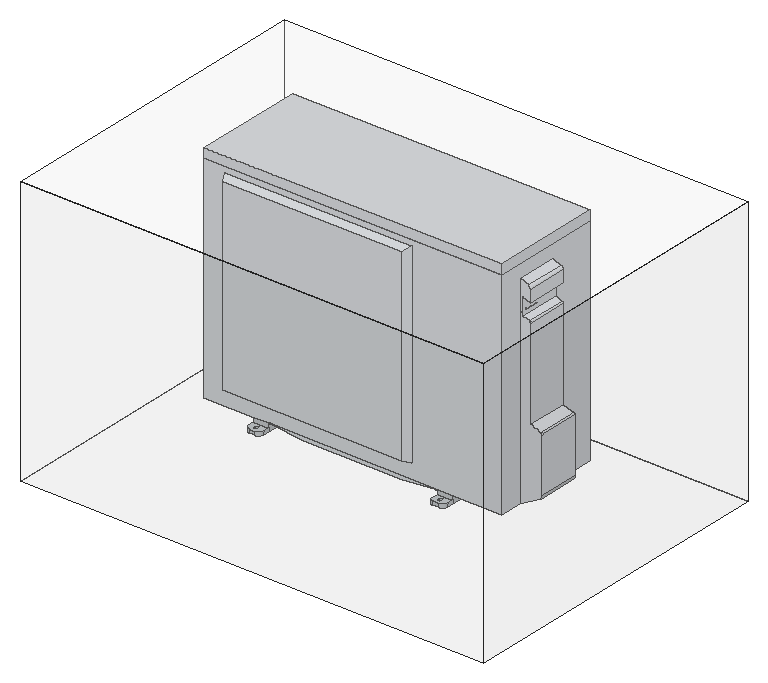
Revit family "puz-zrmp28_63ska16_60hz", category 機械設備, Revit 2023
Family settings
  丸型コネクタ寸法 = 直径を使用
  パーツ タイプ = 標準
  OmniClass 番号 = 23.75.10.24.21.27.27
  OmniClass タイトル = Split System Air Conditioning Units
  作業面ベース = いいえ
  常に垂直 = はい
  ロード時にボイドで切り取り = いいえ
  注釈の向きを維持 = いいえ
  共有 = いいえ
  部屋計算ポイント = いいえ
Parameters (values of type "PUZ-ZRMP28SKA16")
  風量_冷房 (㎥/min) = 38
  風量 = [風量_冷房 (㎥/min)] * 60.0 m³/h  # 2280.0 m³/h
  音響パワーレベル_冷房 (dB) = 64
  音響パワーレベル_暖房 (dB) = 66
  音響パワーレベル(dB) = if([音響パワーレベル_冷房 (dB)] > [音響パワーレベル_暖房 (dB)], [音響パワーレベル_冷房 (dB)], [音響パワーレベル_暖房 (dB)])  # 66
  電源種別 = ""
  電源位置Y = 61 mm
  電源位置Z = 497.7 mm
  電源位置X = 400 mm
  電圧 = 200 V
  電動機出力_送風機 = 0.04 kW
  電動機出力_圧縮機 = 0.5 kW
  集中コントローラ [instance] = ""
  運転質量 = 0.00 kg
  運転方法 = "冷暖切替"
  質量 = if(製品質量 > 運転質量, 製品質量, 運転質量) * 1.2  # 44.40 kg
  負荷分類 = 1_熱源類
  説明 = "空冷H/P PAC インバータ室外機"
  設計暖房能力 [instance] = 0 kW
  設計冷房能力_顕熱 [instance] = 0 kW
  設計冷房能力 [instance] = 0 kW
  設置方法 = "床置形"
  記号 [instance] = ""
  製造元 = "三菱電機株式会社"
  製品質量 = 37.00 kg
  製品出荷対象 = "国内"
  製品リリース年月 = "2026/5/11"
  系統 [instance] = ""
  符号 = "PAC"
  積算_科目 = "1 空気調和設備"
  積算_拾い区分 [instance] = ""
  相 = 1
  盤記号 [instance] = ""
  発停方法 = "別売リモコン"
  特殊仕様 [instance] = ""
  消費電力_暖房 = 0 kW
  消費電力_冷房 = 0 kW
  消費電力 = if(消費電力_冷房 > 消費電力_暖房, 消費電力_冷房, 消費電力_暖房)  # 0 kW
  法定耐用年数 = "6"
  極数 = 3
  材質 [instance] = ""
  本体マテリアル = none
  最小電線太さ_mm2 = 3.5
  最大電流値 = 0 A
  暖房能力 = 2.8 kW
  既定の高さ = 0 mm
  推奨ブレーカー容量 = 20 A
  据付ピッチ1 = 0 mm
  形式 = "パッケージ形 室外機"
  形名 = PUZ-EZRMP-1 : PUZ-EZRMP-1
  幹線記号 [instance] = ""
  始動方式 = "インバータ"
  呼称 = "パッケージ形空気調和機_室外機"
  周波数 = 60 Hz
  価格 = 0
  ドレン　位置Z = 8.5 mm
  ドレン　位置Y = 48.5 mm
  ドレン　位置X = 404.5 mm
  アンカーボルト位置Y = 330 mm
  アンカーボルト位置X = 500 mm
  参照している仕様書等のバージョン = "公共建築物標準仕様書（機械設備工事編）平成31年度版"
  分類コード = "50053003126100"
  分類グループ = "設備"
  冷房能力 = 2.5 kW
  冷媒管（ガス）位置X = 420 mm
  冷媒管（液）位置X = 420 mm
  冷媒管（液）位置Y = 153.75 mm
  冷媒管（ガス）位置Y = 153.75 mm
  冷媒管長 [instance] = 0 mm
  冷媒管径符号 = "Ac"
  冷媒管径 = 60 mm
  冷媒管位置Z = 158.95 mm
  冷媒管位置Y = (冷媒管（液）位置Y + 冷媒管（ガス）位置Y) / 2  # 153.75 mm
  冷媒管位置X = (冷媒管（液）位置X + 冷媒管（ガス）位置X) / 2  # 420 mm
  冷媒液管径 = 6.35 mm
  冷媒ガス管径 = 12.7 mm
  企業コード = "108420"
  付属品 [instance] = ""
  ユニット数 = 1
  ユニット3 = yes
  ユニット2 = yes
  モデル = "PUZ-ZRMP28SKA16"
  ドレン管径 = 42 mm
  サービススペース = yes
  コメント [instance] = ""
  【値が 0 の項目は組合せ形名にてご確認ください】 = ""
  Width = 809 mm
  Version = ""
  Uniclass2015Version = "Systems v1.9"
  Uniclass2015Title = "Split coil remote air cooled condensing units"
  Uniclass2015Code = "Pr_70_65_03_84"
  URL = "https://www.mitsubishielectric.co.jp/ldg/wink/qr/002/364640"
  SpecificationReference = ""
  SpecificationDescription = ""
  Revision = ""
  ProductInformation = ""
  OmniClassCode = "23-33 17 13 11"
  IfcTypeProduct = ""
  IfcProduct = ""
  IfcExportType = "AIRCONDITIONINGUNIT"
  IfcExportAs = "IfcUnitaryEquipmentType"
  Height = 630 mm
  Depth = 300 mm
  Clearance Top = 100 mm
  Clearance Right = 350 mm
  Clearance Left = 100 mm
  Clearance Front = 500 mm
  Clearance Bottom = 0 mm
  Clearance Back = 100 mm
  COP_暖房 = 0
  COP_冷房 = 0
  COP = (COP_冷房 + COP_暖房) / 2  # 0
  BLCJ仕様バージョン = "2.0"
  Author = "三菱電機株式会社"
  APF = 0
Reference planes
  plane 1 "中心(正面/背面)": y = 74
  plane 2: z = 0
  plane 3 "中心(左/右)": x = 830
  plane 4 "右": x = 1234.5
  plane 5 "左": x = 425.5
  plane 6 "背面": y = 224
  plane 7 "正面": y = -76
  plane 8 "上部": z = 630
  plane 9 "Clearanse Top": z = 730
  plane 10 "SS_back": y = 324
  plane 11 "SS_front": y = -576
  plane 12 "SS_left": x = 325.5
  plane 13 "SS_right": x = 1584.5
  plane 14: z = 0
  plane 15: y = -15
  plane 16: x = 1230
  plane 17: z = 497.7
  plane 18: y = -13
  plane 19: y = 70.25
  plane 20: x = 1250
  plane 21: y = 175.5
  plane 22: x = 830
  plane 23: z = 10.5
  plane 24: z = 8.5
  plane 25: x = 580
  plane 26: x = 1080
  plane 27: y = 239
  plane 28: y = -91
Forms (mm)
  Extrusion 1, solid, detail levels fine
    sketch origin (0, -76, 0) x (1, 0, 0) y (0, 0, 1)
      loop
        circle (1230, 497.7) r 13.5
    from -63 to -61
  Extrusion 2, solid, detail levels fine
    sketch origin (-1437.329, -1524, 54) x (-1, 0, 0) y (0, -1, 0)
      loop
        circle (-2267.329, -1699.5) r 21
    from -45.5 to -43.5
  Sweep 3, solid, material <- "本体マテリアル", detail levels fine
    path origin (1250, 1296.25, 1200) x (0, 1, 0) y (0, 0, 1)
      loop
        line (-1226, -1041.05) -> (-1272.623, -1084.565)
    profile origin (1250, 46.939, 137.193) x (0, 0.682318, -0.731055) y (1, 0, 0)
      loop
        circle (0, 0) r 30
Lines and regions (mm)
  model lines, not visible
    curve 1: line (460, 178.667, 1289.179) -> (460, 297.73, 1289.179)
    curve 2: line (460, 178.667, 1056.056) -> (460, 178.667, 1289.179)
    curve 3: line (460, 297.73, 1056.056) -> (460, 178.667, 1056.056)
    curve 4: line (460, 297.73, 1289.179) -> (460, 297.73, 1056.056)
    curve 5: line (460, 47.598, 1289.179) -> (460, 166.661, 1289.179)
    curve 6: line (460, 47.598, 1056.056) -> (460, 47.598, 1289.179)
    curve 7: line (460, 166.661, 1056.056) -> (460, 47.598, 1056.056)
    curve 8: line (460, 166.661, 1289.179) -> (460, 166.661, 1056.056)
    curve 9: line (460, -83.471, 1289.179) -> (460, 35.592, 1289.179)
    curve 10: line (460, -83.471, 1056.056) -> (460, -83.471, 1289.179)
    curve 11: line (460, 35.592, 1056.056) -> (460, -83.471, 1056.056)
    curve 12: line (460, 35.592, 1289.179) -> (460, 35.592, 1056.056)
    curve 13: line (460, -150.779, 1289.179) -> (460, -95.75, 1289.179)
    curve 14: line (460, -150.779, 1056.056) -> (460, -150.779, 1289.179)
    curve 15: line (460, -95.75, 1056.056) -> (460, -150.779, 1056.056)
    curve 16: line (460, -95.75, 1289.179) -> (460, -95.75, 1056.056)
    curve 17: line (460, -150.779, 1283.175) -> (460, -132.596, 1283.175)
    curve 18: line (460, -150.779, 1062.059) -> (460, -150.779, 1283.175)
    curve 19: line (460, -132.596, 1062.059) -> (460, -150.779, 1062.059)
    curve 20: line (460, -132.596, 1283.175) -> (460, -132.596, 1062.059)
    curve 21: line (460, 178.667, 1046.051) -> (460, 297.73, 1046.051)
    curve 22: line (460, 178.667, 812.928) -> (460, 178.667, 1046.051)
    curve 23: line (460, 297.73, 812.928) -> (460, 178.667, 812.928)
    curve 24: line (460, 297.73, 1046.051) -> (460, 297.73, 812.928)
    curve 25: line (460, 47.598, 1046.051) -> (460, 166.661, 1046.051)
    curve 26: line (460, 47.598, 812.928) -> (460, 47.598, 1046.051)
    curve 27: line (460, 166.661, 812.928) -> (460, 47.598, 812.928)
    curve 28: line (460, 166.661, 1046.051) -> (460, 166.661, 812.928)
    curve 29: line (460, -83.471, 1046.051) -> (460, 35.592, 1046.051)
    curve 30: line (460, -83.471, 812.928) -> (460, -83.471, 1046.051)
    curve 31: line (460, 35.592, 812.928) -> (460, -83.471, 812.928)
    curve 32: line (460, 35.592, 1046.051) -> (460, 35.592, 812.928)
    curve 33: line (460, -150.779, 1046.051) -> (460, -95.75, 1046.051)
    curve 34: line (460, -150.779, 812.928) -> (460, -150.779, 1046.051)
    curve 35: line (460, -95.75, 812.928) -> (460, -150.779, 812.928)
    curve 36: line (460, -95.75, 1046.051) -> (460, -95.75, 812.928)
    curve 37: line (460, -150.779, 1040.048) -> (460, -132.596, 1040.048)
    curve 38: line (460, -150.779, 818.931) -> (460, -150.779, 1040.048)
    curve 39: line (460, -132.596, 818.931) -> (460, -150.779, 818.931)
    curve 40: line (460, -132.596, 1040.048) -> (460, -132.596, 818.931)
    curve 41: line (460, 178.667, 802.923) -> (460, 297.73, 802.923)
    curve 42: line (460, 178.667, 569.8) -> (460, 178.667, 802.923)
    curve 43: line (460, 297.73, 569.8) -> (460, 178.667, 569.8)
    curve 44: line (460, 297.73, 802.923) -> (460, 297.73, 569.8)
    curve 45: line (460, 47.598, 802.923) -> (460, 166.661, 802.923)
    curve 46: line (460, 47.598, 569.8) -> (460, 47.598, 802.923)
    curve 47: line (460, 166.661, 569.8) -> (460, 47.598, 569.8)
    curve 48: line (460, 166.661, 802.923) -> (460, 166.661, 569.8)
    curve 49: line (460, -83.471, 802.923) -> (460, 35.592, 802.923)
    curve 50: line (460, -83.471, 569.8) -> (460, -83.471, 802.923)
    curve 51: line (460, 35.592, 569.8) -> (460, -83.471, 569.8)
    curve 52: line (460, 35.592, 802.923) -> (460, 35.592, 569.8)
    curve 53: line (460, -150.779, 802.923) -> (460, -95.75, 802.923)
    curve 54: line (460, -150.779, 569.8) -> (460, -150.779, 802.923)
    curve 55: line (460, -95.75, 569.8) -> (460, -150.779, 569.8)
    curve 56: line (460, -95.75, 802.923) -> (460, -95.75, 569.8)
    curve 57: line (460, -150.779, 796.92) -> (460, -132.596, 796.92)
    curve 58: line (460, -150.779, 575.803) -> (460, -150.779, 796.92)
    curve 59: line (460, -132.596, 575.803) -> (460, -150.779, 575.803)
    curve 60: line (460, -132.596, 796.92) -> (460, -132.596, 575.803)
    curve 61: line (460, 178.667, 559.795) -> (460, 297.73, 559.795)
    curve 62: line (460, 178.667, 326.672) -> (460, 178.667, 559.795)
    curve 63: line (460, 297.73, 326.672) -> (460, 178.667, 326.672)
    curve 64: line (460, 297.73, 559.795) -> (460, 297.73, 326.672)
    curve 65: line (460, 47.598, 559.795) -> (460, 166.661, 559.795)
    curve 66: line (460, 47.598, 326.672) -> (460, 47.598, 559.795)
    curve 67: line (460, 166.661, 326.672) -> (460, 47.598, 326.672)
    curve 68: line (460, 166.661, 559.795) -> (460, 166.661, 326.672)
    curve 69: line (460, -83.471, 559.795) -> (460, 35.592, 559.795)
    curve 70: line (460, -83.471, 326.672) -> (460, -83.471, 559.795)
    curve 71: line (460, 35.592, 326.672) -> (460, -83.471, 326.672)
    curve 72: line (460, 35.592, 559.795) -> (460, 35.592, 326.672)
    curve 73: line (460, -150.779, 559.795) -> (460, -95.75, 559.795)
    curve 74: line (460, -150.779, 326.672) -> (460, -150.779, 559.795)
    curve 75: line (460, -95.75, 326.672) -> (460, -150.779, 326.672)
    curve 76: line (460, -95.75, 559.795) -> (460, -95.75, 326.672)
    curve 77: line (460, -150.779, 553.792) -> (460, -132.596, 553.792)
    curve 78: line (460, -150.779, 332.675) -> (460, -150.779, 553.792)
    curve 79: line (460, -132.596, 332.675) -> (460, -150.779, 332.675)
    curve 80: line (460, -132.596, 553.792) -> (460, -132.596, 332.675)
    curve 81: line (460, 178.667, 316.667) -> (460, 297.73, 316.667)
    curve 82: line (460, 178.667, 83.544) -> (460, 178.667, 316.667)
    curve 83: line (460, 297.73, 83.544) -> (460, 178.667, 83.544)
    curve 84: line (460, 297.73, 316.667) -> (460, 297.73, 83.544)
    curve 85: line (460, 47.598, 316.667) -> (460, 166.661, 316.667)
    curve 86: line (460, 47.598, 83.544) -> (460, 47.598, 316.667)
    curve 87: line (460, 166.661, 83.544) -> (460, 47.598, 83.544)
    curve 88: line (460, 166.661, 316.667) -> (460, 166.661, 83.544)
    curve 89: line (460, -83.471, 316.667) -> (460, 35.592, 316.667)
    curve 90: line (460, -83.471, 83.544) -> (460, -83.471, 316.667)
    curve 91: line (460, 35.592, 83.544) -> (460, -83.471, 83.544)
    curve 92: line (460, 35.592, 316.667) -> (460, 35.592, 83.544)
    curve 93: line (460, -150.779, 316.667) -> (460, -95.75, 316.667)
    curve 94: line (460, -150.779, 83.544) -> (460, -150.779, 316.667)
    curve 95: line (460, -95.75, 83.544) -> (460, -150.779, 83.544)
    curve 96: line (460, -95.75, 316.667) -> (460, -95.75, 83.544)
    curve 97: line (460, -150.779, 310.664) -> (460, -132.596, 310.664)
    curve 98: line (460, -150.779, 89.547) -> (460, -150.779, 310.664)
    curve 99: line (460, -132.596, 89.547) -> (460, -150.779, 89.547)
    curve 100: line (460, -132.596, 310.664) -> (460, -132.596, 89.547)
Dimensions and locks
  equal spacing: plane 7 "正面", plane 1 "中心(正面/背面)", plane 6 "背面"
  "Depth": plane 7 "正面" to plane 6 "背面"
  "Width": plane 5 "左" to plane 4 "右"
  equal spacing: plane 5 "左", plane 3 "中心(左/右)", plane 4 "右"
  "Clearance Left": plane 12 "SS_left" to plane 5 "左"
  "Clearance Right": plane 4 "右" to plane 13 "SS_right"
  "Clearance Back": plane 6 "背面" to plane 10 "SS_back"
  "Clearance Front": plane 11 "SS_front" to plane 7 "正面"
  "Height": plane 8 "上部" to level
  "Clearance Top": plane 9 "Clearanse Top" to plane 8 "上部"
  "Clearance Bottom": level to plane 14
  "電源位置X": plane 3 "中心(左/右)" to plane 16
  "電源位置Y": plane 7 "正面" to plane 15
  "電源位置Z": plane 17 to level
  locked: plane 15 to plane 18 at 2
  "冷媒管位置X": plane 3 "中心(左/右)" to plane 20
  "冷媒管位置Y": plane 19 to plane 6 "背面"
  "ドレン　位置X": plane 5 "左" to plane 22
  "ドレン　位置Y": plane 21 to plane 6 "背面"
  locked: plane 23 to plane 24 at 2
  "ドレン　位置Z": plane 24 to level
  equal spacing: plane 28, plane 1 "中心(正面/背面)", plane 27
  "アンカーボルト位置Y": plane 28 to plane 27
  equal spacing: plane 25, plane 3 "中心(左/右)", plane 26
  "アンカーボルト位置X": plane 25 to plane 26
  radius of Extrusion 1 sketch curve = 13.5 mm
  "ドレン管径": diameter of Extrusion 2 sketch curve
  "冷媒管径": diameter of Sweep 3 sketch curve
  aligned and locked: level to plane 2
  aligned and locked: plane 10 "SS_back" to nested 1  (x2)
  aligned and locked: plane 13 "SS_right" to nested 1
  aligned and locked: plane 12 "SS_left" to nested 1  (x2)
  aligned and locked: nested 1 to plane 13 "SS_right"
  aligned and locked: plane 11 "SS_front" to nested 1
  aligned and locked: plane 9 "Clearanse Top" to nested 1
  aligned and locked: plane 1 "中心(正面/背面)" to nested 2
  aligned and locked: plane 3 "中心(左/右)" to nested 2
  aligned and locked: plane 14 to nested 1
  aligned and locked: plane 17 to Extrusion 1 sketch curve
  aligned and locked: plane 16 to Extrusion 1 sketch curve
  aligned and locked: Extrusion 1 to plane 18
  aligned and locked: plane 15 to Extrusion 1
  aligned and locked: plane 22 to Extrusion 2 sketch curve
  aligned and locked: plane 21 to Extrusion 2 sketch curve
  aligned and locked: plane 23 to Extrusion 2
  aligned and locked: Extrusion 2 to plane 24
  aligned and locked: plane 25 to nested 3
  aligned and locked: plane 27 to nested 3
Automatic sketch dimensions
  Sweep 3 sketch curve to plane 18 = 36.627 mm
  plane 1 "中心(正面/背面)" to Sweep 3 sketch curve = 3.75 mm
  plane 23 to Sweep 3 sketch curve = 104.935 mm
  Sweep 3 sketch curve to Sweep 3 sketch curve = 43.515 mm
  Sweep 3 sketch curve to plane 20 = 0 mm
  Sweep 3 sketch curve to profile plane = 0 mm
Nested families
  nested 1: "サービススペース" at (955, -126, 365), visible <- "サービススペース", type "サービススペース"
    with Width 1259 mm, Height 730 mm, Depth 900 mm
  nested 2: "PUZ-EZRMP-1" at (830, 74, 0), type <- "形名", type "PUZ-EZRMP-1", detail levels fine
  nested 3: "固定点" at (580, -91, 0), type "固定点"
    with 中心円 10 mm, W 500 mm, D 330 mm
Connectors
  electrical at (1230, -15, 497.7), driven by "極数", driven by "負荷分類", driven by "電圧", driven by "消費電力"
    settings: on Extrusion 1, index 2, voltage 200 V, apparent load 0 VA, apparent load phase1 0 VA, apparent load phase2 0 VA, apparent load phase3 0 VA, power factor 1, load classification "1_熱源類", number of poles 3, system type 30, power factor state 1, is connector primary yes, connector utility no, sub classification motor no, connector description ""
  piping at (1250, 70.25, 158.95), diameter 60, driven by "冷媒管径", driven by "冷媒管径符号"
    settings: on Sweep 3, index 3, connector inside diameter 609.6 mm, connector length 0 mm, flow factor 0, pipe flow 0.0 L/s, pressure drop 0.0 Pa, fitting loss kfactor 0, connector angle 0.00°, fixture units 0, engagement length 0 mm, angle of deflection 0.00°, flow configuration 1, flow direction 2, fitting loss method 4, system type 7, joint type 0, gender type 0, connector reference index -1, connector utility 0, adjustable connector no, is connector primary yes, connector description "Ac"
Definition of nested family "サービススペース"
  Parameters (values of type "サービススペース")
    Default Elevation = 0 mm
    Width [instance] = 500 mm
    Height [instance] = 500 mm
    Depth [instance] = 500 mm
  Reference planes
    plane 1 "中心(正面/背面)": y = 0
    plane 2: z = 0
    plane 3 "中心(左/右)": x = 0
    plane 4: y = -250
    plane 5: x = 250
    plane 6: y = 250
    plane 7: x = -250
    plane 8: z = 250
    plane 9: z = -250
  Forms (mm)
    Extrusion 1, solid
      sketch origin (-638.939, 0, 72.39) x (1, 0, 0) y (0, 1, 0)
        loop
          line (388.939, 250) -> (388.939, -250) -> (888.939, -250) -> (888.939, 250) -> (388.939, 250)
      from -322.39 to 177.61
  Lines and regions (mm)
    symbolic lines
      curve 1: line (-250, 0, 250) -> (250, 0, 250)
      curve 2: line (-250, 0, -250) -> (-250, 0, 250)
      curve 3: line (250, 0, -250) -> (-250, 0, -250)
      curve 4: line (250, 0, 250) -> (250, 0, -250)
      curve 5: line (0, -250, 250) -> (0, 250, 250)
      curve 6: line (0, -250, -250) -> (0, -250, 250)
      curve 7: line (0, 250, -250) -> (0, -250, -250)
      curve 8: line (0, 250, 250) -> (0, 250, -250)
      curve 9: line (-250, 250, 0) -> (250, 250, 0)
      curve 10: line (-250, -250, 0) -> (-250, 250, 0)
      curve 11: line (250, -250, 0) -> (-250, -250, 0)
      curve 12: line (250, 250, 0) -> (250, -250, 0)
  Dimensions and locks
    equal spacing: plane 7, plane 3 "中心(左/右)", plane 5
    equal spacing: plane 4, plane 1 "中心(正面/背面)", plane 6
    "Depth": plane 4 to plane 6
    "Width": plane 7 to plane 5
    equal spacing: plane 8, plane 2, plane 9
    "Height": plane 8 to plane 9
    aligned and locked: plane 9 to curve 3
    aligned and locked: plane 7 to curve 2
    aligned and locked: curve 4 to plane 5
    aligned and locked: plane 5 to Extrusion 1
    aligned and locked: Extrusion 1 to plane 7
    aligned and locked: Extrusion 1 to plane 9
    aligned and locked: plane 8 to Extrusion 1
    aligned and locked: plane 9 to curve 7
  Automatic sketch dimensions
    plane 4 to Extrusion 1 sketch curve = 0 mm
    Extrusion 1 sketch curve to plane 7 = 0 mm
    Extrusion 1 sketch curve to plane 5 = 0 mm
    plane 6 to Extrusion 1 sketch curve = 0 mm
    curve 2 to plane 8 = 0 mm
    plane 4 to curve 11 = 0 mm
    curve 11 to plane 7 = 0 mm
    curve 11 to plane 5 = 0 mm
    plane 6 to curve 10 = 0 mm
    curve 7 to plane 4 = 0 mm
    curve 7 to plane 6 = 0 mm
    curve 6 to plane 8 = 0 mm
Definition of nested family "PUZ-EZRMP-1"
  Parameters (values of type "PUZ-EZRMP-1")
    配線取出口サイズ = 27 mm
    配線取出口-Z = 497.7 mm
    配線取出口-Y = 239 mm
    配線取出口-X = 400 mm
    液配管サイズ = 50 mm
    高さ = 630 mm
    Default Elevation = 0 mm
    換気-W = 310 mm
    換気-H2 = 632 mm
    換気-H1 = 325 mm
    換気-D = 20 mm
    奥行き = 300 mm
    吊りボルト_H = 0 mm
    吊りボルト-φ = 10 mm
    冷媒配管サイズ = 6.35 mm
    冷媒液管径-Z = 164.5 mm
    冷媒液管径-Y = 185.5 mm
    冷媒液管径-X = 420 mm
    冷媒ガス管径-Z = 99.5 mm
    冷媒ガス管径-Y = 185.5 mm
    冷媒ガス管径-X = 420 mm
    吊りボルト-W = 500 mm
    マテリアル = none
    ドレン配管サイズ = 42 mm
    ドレン管径-Z = 0 mm
    ドレン管径-Y = 251.5 mm
    ドレン管径-X = 404.5 mm
    タイプ3 = no
    タイプ2 = no
    タイプ1 = yes
    ガス配管サイズ = 12.7 mm
    吊りボルト-D = 330 mm
    幅さ = 809 mm
    a = 600 mm
  Reference planes
    plane 1 "中心(正面/背面)": y = 0
    plane 2: z = 0
    plane 3 "中心(左/右)": x = 0
    plane 4: z = 630
    plane 5: x = -404.5
    plane 6: x = 404.5
    plane 7: y = 150
    plane 8: y = -150
    plane 9: x = 466.5
    plane 10: y = -90
    plane 11: y = 20
    plane 12: z = 605
    plane 13: x = -424.5
    plane 14: x = -250
    plane 15: x = 250
    plane 16: y = 165
    plane 17: y = -165
    plane 18: x = 270
    plane 19: x = 230
    plane 20: x = -230
    plane 21: x = -270
    plane 22: y = 180
    plane 23: y = -180
    plane 24: z = 8.5
    plane 25: z = 20
    plane 26: z = 11.5
    plane 27: x = -135
    plane 28: x = 135
    plane 29: z = 625
    plane 30: y = -40
    plane 31: y = 40
    plane 32: y = -30
    plane 33: y = 30
    plane 34: z = 610
    plane 35: z = 55
    plane 36: z = 225
    plane 37: z = 570
    plane 38: x = 414.5
    plane 39: x = 435.5
    plane 40: y = -170
    plane 41: x = -94.5
    plane 42: z = 325
    plane 43: x = 159.5
    plane 44: x = -348.5
    plane 45: z = 589
    plane 46: z = 61
    plane 47: x = -338.5
    plane 48: x = 149.5
    plane 49: z = 579
    plane 50: z = 71
    plane 51: y = 100
    plane 52: y = -100
    plane 53: x = 0
    plane 54: y = 101.5
    plane 55: x = 420
    plane 56: x = 400
    plane 57: y = -89
    plane 58: y = -35.5
    plane 59: y = -35.5
    plane 60: x = 420
    plane 61: z = 99.5
    plane 62: z = 164.5
    plane 63: z = 497.7
    plane 64: y = -39
    plane 65: z = 137.3
    plane 66: z = 180.6
    plane 67: x = 420
    plane 68: y = -35.5
    plane 69 "グループ": x = -600
    plane 70: z = 1338
    plane 71: z = 943
    plane 72: z = 957
    plane 73: z = 1221
    plane 74: z = 693
    plane 75: z = 1211
    plane 76: z = 703
    plane 77: y = -12.5
    plane 78: y = 5
    plane 79: y = -3.75
  Forms (mm)
    Extrusion 1, solid, visible <- "タイプ1", detail levels fine
      sketch origin (-1437.329, -1524, 630) x (-1, 0, 0) y (0, -1, 0)
        loop
          line (-1167.329, -1674) -> (-1167.329, -1374) -> (-1207.329, -1374) -> (-1207.329, -1674) -> (-1167.329, -1674)
        loop
          line (-1667.329, -1674) -> (-1667.329, -1374) -> (-1707.329, -1374) -> (-1707.329, -1674) -> (-1667.329, -1674)
      from -630 to -610
    Extrusion 2, solid, material <- "マテリアル", visible <- "タイプ1", detail levels fine
      sketch origin (0, 0, 0) x (1, 0, 0) y (0, 0, 1)
        loop
          line (-230, 20) -> (-135, 11.5) -> (135, 11.5) -> (230, 20) -> (-230, 20)
      from -150 to 150
    Extrusion 3, solid, material <- "マテリアル", visible <- "タイプ1", detail levels fine
      sketch origin (-1437.329, -1524, 630) x (-1, 0, 0) y (0, -1, 0)
        loop
          circle (-1437.329, -1625.5) r 21
      from -621.5 to -618.5
    Extrusion 4, solid, material <- "マテリアル", visible <- "タイプ1", detail levels fine
      sketch origin (-1437.329, -1524, 630) x (-1, 0, 0) y (0, -1, 0)
        loop
          line (-1841.829, -1674) -> (-1032.829, -1674) -> (-1032.829, -1374) -> (-1841.829, -1374) -> (-1841.829, -1674)
      from -610 to -25
    Extrusion 5, solid, material <- "マテリアル", visible <- "タイプ1", detail levels fine
      sketch origin (-1437.329, -1524, 630) x (-1, 0, 0) y (0, -1, 0)
        loop
          line (-1032.829, -1674) -> (-1032.829, -1374) -> (-1841.829, -1374) -> (-1841.829, -1674) -> (-1032.829, -1674)
      from -25 to 0
    Blend 6, solid, material <- "マテリアル", visible <- "タイプ1", detail levels fine
      base sketch origin (0, 0, 0) x (0, 1, 0) y (0, 0, 1)
        loop
          line (40, 625) -> (-40, 625) -> (-40, 605) -> (40, 605) -> (40, 625)
      top sketch origin (0, 0, 0) x (0, 1, 0) y (0, 0, 1)
        loop
          line (30, 610) -> (-30, 610) -> (-30, 605) -> (30, 605) -> (30, 610)
      from -404.5 to -424.5
    Extrusion 7, solid, material <- "マテリアル", visible <- "タイプ1", detail levels fine
      sketch origin (0, 0, 0) x (1, 0, 0) y (0, 0, 1)
        loop
          line (404.5, 570) -> (404.5, 20) -> (461.416, 52.13)
          arc (461.416, 52.13) -> (465.136, 55.796) -> (466.5, 60.838) r 10
          line (466.5, 60.838) -> (466.5, 210.216)
          arc (466.5, 210.216) -> (465.596, 213.084) -> (463.21, 214.914) r 5
          line (463.21, 214.914) -> (435.5, 225) -> (435.5, 470.082)
          arc (435.5, 470.082) -> (434.596, 472.95) -> (432.21, 474.78) r 5
          line (432.21, 474.78) -> (414.5, 481.226) -> (414.5, 529.114) -> (435.5, 521.471) -> (435.5, 551.715)
          arc (435.5, 551.715) -> (433.692, 557.451) -> (428.92, 561.112) r 10
          line (428.92, 561.112) -> (404.5, 570)
      from -20 to 90
    Blend 8, solid, material <- "マテリアル", visible <- "タイプ1", detail levels fine
      base sketch origin (0, 0, 0) x (1, 0, 0) y (0, 0, 1)
        loop
          line (-348.5, 589) -> (-348.5, 61) -> (159.5, 61) -> (159.5, 589) -> (-348.5, 589)
      top sketch origin (0, 0, 0) x (1, 0, 0) y (0, 0, 1)
        loop
          line (-338.5, 579) -> (-338.5, 71) -> (149.5, 71) -> (149.5, 579) -> (-338.5, 579)
      from 150 to 170
    Extrusion 9, solid, material <- "マテリアル", visible <- "タイプ1", detail levels fine
      sketch origin (1480.036, -170, 1200) x (1, 0, 0) y (0, 0, 1)
        loop
          circle (-1080.036, -702.3) r 13.5
      from -131 to -81
    Extrusion 10, solid, visible <- "タイプ1", detail levels fine
      sketch origin (-1437.329, -1524, 630) x (-1, 0, 0) y (0, -1, 0)
        loop
          line (-1167.329, -1704) -> (-1167.329, -1674) -> (-1207.329, -1674) -> (-1207.329, -1704) -> (-1192.329, -1704) -> (-1192.329, -1689)
          arc (-1192.329, -1689) -> (-1187.329, -1684) -> (-1182.329, -1689) r 5
          line (-1182.329, -1689) -> (-1182.329, -1704) -> (-1167.329, -1704)
        loop
          line (-1667.329, -1704) -> (-1667.329, -1674) -> (-1707.329, -1674) -> (-1707.329, -1704) -> (-1692.329, -1704) -> (-1692.329, -1689)
          arc (-1692.329, -1689) -> (-1687.329, -1684) -> (-1682.329, -1689) r 5
          line (-1682.329, -1689) -> (-1682.329, -1704) -> (-1667.329, -1704)
        loop
          line (-1667.329, -1374) -> (-1667.329, -1354)
          arc (-1667.329, -1354) -> (-1670.258, -1346.929) -> (-1677.329, -1344) r 10
          line (-1677.329, -1344) -> (-1694.129, -1344)
          arc (-1694.129, -1344) -> (-1703.463, -1347.866) -> (-1707.329, -1357.2) r 13.2
          line (-1707.329, -1357.2) -> (-1707.329, -1374) -> (-1667.329, -1374)
        loop
          line (-1167.329, -1374) -> (-1167.329, -1357.2)
          arc (-1167.329, -1357.2) -> (-1171.196, -1347.866) -> (-1180.529, -1344) r 13.2
          line (-1180.529, -1344) -> (-1194.129, -1344)
          arc (-1194.129, -1344) -> (-1203.463, -1347.866) -> (-1207.329, -1357.2) r 13.2
          line (-1207.329, -1357.2) -> (-1207.329, -1374) -> (-1167.329, -1374)
        loop
          arc (-1192.329, -1359) -> (-1187.329, -1364) -> (-1182.329, -1359) r 5
          line (-1182.329, -1359) -> (-1182.329, -1357.2)
          arc (-1182.329, -1357.2) -> (-1187.329, -1352.2) -> (-1192.329, -1357.2) r 5
          line (-1192.329, -1357.2) -> (-1192.329, -1359)
        loop
          arc (-1692.329, -1359) -> (-1687.329, -1364) -> (-1682.329, -1359) r 5
          line (-1682.329, -1359) -> (-1682.329, -1357.2)
          arc (-1682.329, -1357.2) -> (-1687.329, -1352.2) -> (-1692.329, -1357.2) r 5
          line (-1692.329, -1357.2) -> (-1692.329, -1359)
      from -621.5 to -630
    Sweep 11, solid, material <- "マテリアル", visible <- "タイプ1", detail levels fine
      path origin (420, 1296.25, 1200) x (0, 1, 0) y (0, 0, 1)
        loop
          line (-1331.75, -1035.5) -> (-1308.75, -1019.4)
      profile origin (420, -24, 172.55) x (0, -0.573462, 0.819232) y (1, 0, 0)
        loop
          circle (0, 0) r 3.175
    Sweep 12, solid, material <- "マテリアル", visible <- "タイプ1", detail levels fine
      path origin (420, 1296.25, 1200) x (0, 1, 0) y (0, 0, 1)
        loop
          line (-1331.75, -1100.5) -> (-1291.25, -1062.7)
      profile origin (420, -15.25, 118.4) x (0, -0.682318, 0.731055) y (1, 0, 0)
        loop
          circle (0, 0) r 6.35
  Lines and regions (mm)
    Masking region 1, visible <- "タイプ1", detail levels coarse+medium
      outline origin (-1437.329, -1524, 630) x (-1, 0, 0) y (0, -1, 0)
        loop
          line (-1841.829, -1674) -> (-1707.329, -1674) -> (-1707.329, -1704) -> (-1667.329, -1704) -> (-1667.329, -1674) -> (-1207.329, -1674) -> (-1207.329, -1704) -> (-1167.329, -1704) -> (-1167.329, -1674) -> (-1032.829, -1674) -> (-1032.829, -1564) -> (-1012.829, -1554) -> (-1012.829, -1494) -> (-1032.829, -1484) -> (-1032.829, -1374) -> (-1088.829, -1374) -> (-1098.829, -1354) -> (-1164.523, -1354)
          arc (-1164.523, -1354) -> (-1169.205, -1346.796) -> (-1177.329, -1344) r 13.2
          line (-1177.329, -1344) -> (-1193.997, -1344)
          arc (-1193.997, -1344) -> (-1202.121, -1346.796) -> (-1206.804, -1354) r 13.2
          line (-1206.804, -1354) -> (-1586.829, -1354) -> (-1596.829, -1374) -> (-1667.329, -1374) -> (-1667.329, -1354)
          arc (-1667.329, -1354) -> (-1670.258, -1346.929) -> (-1677.329, -1344) r 10
          line (-1677.329, -1344) -> (-1694.129, -1344)
          arc (-1694.129, -1344) -> (-1703.463, -1347.866) -> (-1707.329, -1357.2) r 13.2
          line (-1707.329, -1357.2) -> (-1707.329, -1374) -> (-1841.829, -1374) -> (-1841.829, -1434) -> (-1903.829, -1434) -> (-1903.829, -1544) -> (-1841.829, -1544) -> (-1841.829, -1674)
    model lines, visible <- "タイプ1", detail levels fine
      curve 1: line (324.5, 100, 630) -> (-324.5, 100, 630)
      curve 2: line (-324.5, -100, 630) -> (324.5, -100, 630)
      curve 3: line (-324.5, -40, 630) -> (324.5, -40, 630)
      curve 4: line (324.5, 40, 630) -> (-324.5, 40, 630)
      curve 5: line (-324.5, -30, 630) -> (324.5, -30, 630)
      curve 6: line (324.5, 30, 630) -> (-324.5, 30, 630)
      curve 7: line (-324.5, 100, 630) -> (-324.5, 40, 630)
      curve 8: line (324.5, -100, 630) -> (324.5, -40, 630)
      curve 9: line (-324.5, 30, 630) -> (-324.5, -30, 630)
      curve 10: line (-324.5, -40, 630) -> (-324.5, -100, 630)
      curve 11: line (324.5, -30, 630) -> (324.5, 30, 630)
      curve 12: line (324.5, 40, 630) -> (324.5, 100, 630)
      curve 13: line (354.5, -100, 630) -> (354.5, 100, 630)
      curve 14: line (339.5, -100, 630) -> (339.5, 100, 630)
      curve 15: line (-354.5, 100, 630) -> (-354.5, -100, 630)
      curve 16: line (-339.5, 100, 630) -> (-339.5, -100, 630)
      curve 17: line (-339.5, 100, 630) -> (-354.5, 100, 630)
      curve 18: line (-339.5, -100, 630) -> (-354.5, -100, 630)
      curve 19: line (339.5, 100, 630) -> (354.5, 100, 630)
      curve 20: line (339.5, -100, 630) -> (354.5, -100, 630)
      curve 21: line (-338.5, -170, 372.5) -> (149.5, -170, 372.5)
      curve 22: line (149.5, -170, 277.5) -> (-338.5, -170, 277.5)
      curve 23: line (-338.5, -170, 467.5) -> (149.5, -170, 467.5)
      curve 24: line (-338.5, -170, 562.5) -> (149.5, -170, 562.5)
      curve 25: line (149.5, -170, 182.5) -> (-338.5, -170, 182.5)
      curve 26: line (149.5, -170, 87.5) -> (-338.5, -170, 87.5)
      curve 27: line (-321.071, -170, 579) -> (-321.071, -170, 71)
      curve 28: line (132.071, -170, 71) -> (132.071, -170, 579)
      curve 29: line (-303.643, -170, 579) -> (-303.643, -170, 71)
      curve 30: line (-286.214, -170, 579) -> (-286.214, -170, 71)
      curve 31: line (-268.786, -170, 579) -> (-268.786, -170, 71)
      curve 32: line (-251.357, -170, 579) -> (-251.357, -170, 71)
      curve 33: line (-233.929, -170, 579) -> (-233.929, -170, 71)
      curve 34: line (-216.5, -170, 579) -> (-216.5, -170, 71)
      curve 35: line (-199.071, -170, 579) -> (-199.071, -170, 71)
      curve 36: line (-181.643, -170, 579) -> (-181.643, -170, 71)
      curve 37: line (-164.214, -170, 579) -> (-164.214, -170, 71)
      curve 38: line (-146.786, -170, 579) -> (-146.786, -170, 71)
      curve 39: line (-129.357, -170, 579) -> (-129.357, -170, 71)
      curve 40: line (-111.929, -170, 579) -> (-111.929, -170, 71)
      curve 41: line (-94.5, -170, 579) -> (-94.5, -170, 71)
      curve 42: line (-77.071, -170, 579) -> (-77.071, -170, 71)
      curve 43: line (-59.643, -170, 579) -> (-59.643, -170, 71)
      curve 44: line (-42.214, -170, 579) -> (-42.214, -170, 71)
      curve 45: line (-24.786, -170, 579) -> (-24.786, -170, 71)
      curve 46: line (-7.357, -170, 579) -> (-7.357, -170, 71)
      curve 47: line (10.071, -170, 579) -> (10.071, -170, 71)
      curve 48: line (27.5, -170, 579) -> (27.5, -170, 71)
      curve 49: line (44.929, -170, 579) -> (44.929, -170, 71)
      curve 50: line (62.357, -170, 579) -> (62.357, -170, 71)
      curve 51: line (79.786, -170, 579) -> (79.786, -170, 71)
      curve 52: line (97.214, -170, 579) -> (97.214, -170, 71)
      curve 53: line (114.643, -170, 579) -> (114.643, -170, 71)
      curve 54: line (-404.5, -10, 574) -> (-404.5, -10, 584)
      curve 55: line (-404.5, -100, 584) -> (-404.5, -100, 574)
      curve 56: line (-404.5, 100, 584) -> (-404.5, 100, 574)
      curve 57: line (-404.5, 10, 584) -> (-404.5, 10, 574)
      curve 58: line (-404.5, 95, 589) -> (-404.5, 15, 589)
      curve 59: line (-404.5, -15, 589) -> (-404.5, -95, 589)
      curve 60: line (-404.5, -15, 569) -> (-404.5, -95, 569)
      curve 61: line (-404.5, 95, 569) -> (-404.5, 15, 569)
      curve 62: arc (-404.5, 100, 584) -> (-404.5, 98.536, 587.536) -> (-404.5, 95, 589) r 5
      curve 63: arc (-404.5, 95, 569) -> (-404.5, 98.536, 570.464) -> (-404.5, 100, 574) r 5
      curve 64: arc (-404.5, 10, 584) -> (-404.5, 11.464, 587.536) -> (-404.5, 15, 589) r 5
      curve 65: arc (-404.5, 10, 574) -> (-404.5, 11.464, 570.464) -> (-404.5, 15, 569) r 5
      curve 66: arc (-404.5, -10, 584) -> (-404.5, -11.464, 587.536) -> (-404.5, -15, 589) r 5
      curve 67: arc (-404.5, -15, 569) -> (-404.5, -11.464, 570.464) -> (-404.5, -10, 574) r 5
      curve 68: arc (-404.5, -95, 589) -> (-404.5, -98.536, 587.536) -> (-404.5, -100, 584) r 5
      curve 69: arc (-404.5, -100, 574) -> (-404.5, -98.536, 570.464) -> (-404.5, -95, 569) r 5
      curve 70: line (-404.5, -10, 544) -> (-404.5, -10, 554)
      curve 71: line (-404.5, -100, 554) -> (-404.5, -100, 544)
      curve 72: line (-404.5, 100, 554) -> (-404.5, 100, 544)
      curve 73: line (-404.5, 10, 554) -> (-404.5, 10, 544)
      curve 74: line (-404.5, 95, 559) -> (-404.5, 15, 559)
      curve 75: line (-404.5, -15, 559) -> (-404.5, -95, 559)
      curve 76: line (-404.5, -15, 539) -> (-404.5, -95, 539)
      curve 77: line (-404.5, 95, 539) -> (-404.5, 15, 539)
      curve 78: arc (-404.5, 100, 554) -> (-404.5, 98.536, 557.536) -> (-404.5, 95, 559) r 5
      curve 79: arc (-404.5, 95, 539) -> (-404.5, 98.536, 540.464) -> (-404.5, 100, 544) r 5
      curve 80: arc (-404.5, 10, 554) -> (-404.5, 11.464, 557.536) -> (-404.5, 15, 559) r 5
      curve 81: arc (-404.5, 10, 544) -> (-404.5, 11.464, 540.464) -> (-404.5, 15, 539) r 5
      curve 82: arc (-404.5, -10, 554) -> (-404.5, -11.464, 557.536) -> (-404.5, -15, 559) r 5
      curve 83: arc (-404.5, -15, 539) -> (-404.5, -11.464, 540.464) -> (-404.5, -10, 544) r 5
      curve 84: arc (-404.5, -95, 559) -> (-404.5, -98.536, 557.536) -> (-404.5, -100, 554) r 5
      curve 85: arc (-404.5, -100, 544) -> (-404.5, -98.536, 540.464) -> (-404.5, -95, 539) r 5
      curve 86: line (-404.5, -10, 514) -> (-404.5, -10, 524)
      curve 87: line (-404.5, -100, 524) -> (-404.5, -100, 514)
      curve 88: line (-404.5, 100, 524) -> (-404.5, 100, 514)
      curve 89: line (-404.5, 10, 524) -> (-404.5, 10, 514)
      curve 90: line (-404.5, 95, 529) -> (-404.5, 15, 529)
      curve 91: line (-404.5, -15, 529) -> (-404.5, -95, 529)
      curve 92: line (-404.5, -15, 509) -> (-404.5, -95, 509)
      curve 93: line (-404.5, 95, 509) -> (-404.5, 15, 509)
      curve 94: arc (-404.5, 100, 524) -> (-404.5, 98.536, 527.536) -> (-404.5, 95, 529) r 5
      curve 95: arc (-404.5, 95, 509) -> (-404.5, 98.536, 510.464) -> (-404.5, 100, 514) r 5
      curve 96: arc (-404.5, 10, 524) -> (-404.5, 11.464, 527.536) -> (-404.5, 15, 529) r 5
      curve 97: arc (-404.5, 10, 514) -> (-404.5, 11.464, 510.464) -> (-404.5, 15, 509) r 5
      curve 98: arc (-404.5, -10, 524) -> (-404.5, -11.464, 527.536) -> (-404.5, -15, 529) r 5
      curve 99: arc (-404.5, -15, 509) -> (-404.5, -11.464, 510.464) -> (-404.5, -10, 514) r 5
      curve 100: arc (-404.5, -95, 529) -> (-404.5, -98.536, 527.536) -> (-404.5, -100, 524) r 5
      curve 101: arc (-404.5, -100, 514) -> (-404.5, -98.536, 510.464) -> (-404.5, -95, 509) r 5
      curve 102: line (-404.5, -10, 484) -> (-404.5, -10, 494)
      curve 103: line (-404.5, -100, 494) -> (-404.5, -100, 484)
      curve 104: line (-404.5, 100, 494) -> (-404.5, 100, 484)
      curve 105: line (-404.5, 10, 494) -> (-404.5, 10, 484)
      curve 106: line (-404.5, 95, 499) -> (-404.5, 15, 499)
      curve 107: line (-404.5, -15, 499) -> (-404.5, -95, 499)
      curve 108: line (-404.5, -15, 479) -> (-404.5, -95, 479)
      curve 109: line (-404.5, 95, 479) -> (-404.5, 15, 479)
      curve 110: arc (-404.5, 100, 494) -> (-404.5, 98.536, 497.536) -> (-404.5, 95, 499) r 5
      curve 111: arc (-404.5, 95, 479) -> (-404.5, 98.536, 480.464) -> (-404.5, 100, 484) r 5
      curve 112: arc (-404.5, 10, 494) -> (-404.5, 11.464, 497.536) -> (-404.5, 15, 499) r 5
      curve 113: arc (-404.5, 10, 484) -> (-404.5, 11.464, 480.464) -> (-404.5, 15, 479) r 5
      curve 114: arc (-404.5, -10, 494) -> (-404.5, -11.464, 497.536) -> (-404.5, -15, 499) r 5
      curve 115: arc (-404.5, -15, 479) -> (-404.5, -11.464, 480.464) -> (-404.5, -10, 484) r 5
      curve 116: arc (-404.5, -95, 499) -> (-404.5, -98.536, 497.536) -> (-404.5, -100, 494) r 5
      curve 117: arc (-404.5, -100, 484) -> (-404.5, -98.536, 480.464) -> (-404.5, -95, 479) r 5
      curve 118: line (-404.5, -10, 454) -> (-404.5, -10, 464)
      curve 119: line (-404.5, -100, 464) -> (-404.5, -100, 454)
      curve 120: line (-404.5, 100, 464) -> (-404.5, 100, 454)
      curve 121: line (-404.5, 10, 464) -> (-404.5, 10, 454)
      curve 122: line (-404.5, 95, 469) -> (-404.5, 15, 469)
      curve 123: line (-404.5, -15, 469) -> (-404.5, -95, 469)
      curve 124: line (-404.5, -15, 449) -> (-404.5, -95, 449)
      curve 125: line (-404.5, 95, 449) -> (-404.5, 15, 449)
      curve 126: arc (-404.5, 100, 464) -> (-404.5, 98.536, 467.536) -> (-404.5, 95, 469) r 5
      curve 127: arc (-404.5, 95, 449) -> (-404.5, 98.536, 450.464) -> (-404.5, 100, 454) r 5
      curve 128: arc (-404.5, 10, 464) -> (-404.5, 11.464, 467.536) -> (-404.5, 15, 469) r 5
      curve 129: arc (-404.5, 10, 454) -> (-404.5, 11.464, 450.464) -> (-404.5, 15, 449) r 5
      curve 130: arc (-404.5, -10, 464) -> (-404.5, -11.464, 467.536) -> (-404.5, -15, 469) r 5
      curve 131: arc (-404.5, -15, 449) -> (-404.5, -11.464, 450.464) -> (-404.5, -10, 454) r 5
      curve 132: arc (-404.5, -95, 469) -> (-404.5, -98.536, 467.536) -> (-404.5, -100, 464) r 5
      curve 133: arc (-404.5, -100, 454) -> (-404.5, -98.536, 450.464) -> (-404.5, -95, 449) r 5
      curve 134: line (-404.5, -10, 424) -> (-404.5, -10, 434)
      curve 135: line (-404.5, -100, 434) -> (-404.5, -100, 424)
      curve 136: line (-404.5, 100, 434) -> (-404.5, 100, 424)
      curve 137: line (-404.5, 10, 434) -> (-404.5, 10, 424)
      curve 138: line (-404.5, 95, 439) -> (-404.5, 15, 439)
      curve 139: line (-404.5, -15, 439) -> (-404.5, -95, 439)
      curve 140: line (-404.5, -15, 419) -> (-404.5, -95, 419)
      curve 141: line (-404.5, 95, 419) -> (-404.5, 15, 419)
      curve 142: arc (-404.5, 100, 434) -> (-404.5, 98.536, 437.536) -> (-404.5, 95, 439) r 5
      curve 143: arc (-404.5, 95, 419) -> (-404.5, 98.536, 420.464) -> (-404.5, 100, 424) r 5
      curve 144: arc (-404.5, 10, 434) -> (-404.5, 11.464, 437.536) -> (-404.5, 15, 439) r 5
      curve 145: arc (-404.5, 10, 424) -> (-404.5, 11.464, 420.464) -> (-404.5, 15, 419) r 5
      curve 146: arc (-404.5, -10, 434) -> (-404.5, -11.464, 437.536) -> (-404.5, -15, 439) r 5
      curve 147: arc (-404.5, -15, 419) -> (-404.5, -11.464, 420.464) -> (-404.5, -10, 424) r 5
      curve 148: arc (-404.5, -95, 439) -> (-404.5, -98.536, 437.536) -> (-404.5, -100, 434) r 5
      curve 149: arc (-404.5, -100, 424) -> (-404.5, -98.536, 420.464) -> (-404.5, -95, 419) r 5
      curve 150: line (-404.5, -10, 394) -> (-404.5, -10, 404)
      curve 151: line (-404.5, -100, 404) -> (-404.5, -100, 394)
      curve 152: line (-404.5, 100, 404) -> (-404.5, 100, 394)
      curve 153: line (-404.5, 10, 404) -> (-404.5, 10, 394)
      curve 154: line (-404.5, 95, 409) -> (-404.5, 15, 409)
      curve 155: line (-404.5, -15, 409) -> (-404.5, -95, 409)
      curve 156: line (-404.5, -15, 389) -> (-404.5, -95, 389)
      curve 157: line (-404.5, 95, 389) -> (-404.5, 15, 389)
      curve 158: arc (-404.5, 100, 404) -> (-404.5, 98.536, 407.536) -> (-404.5, 95, 409) r 5
      curve 159: arc (-404.5, 95, 389) -> (-404.5, 98.536, 390.464) -> (-404.5, 100, 394) r 5
      curve 160: arc (-404.5, 10, 404) -> (-404.5, 11.464, 407.536) -> (-404.5, 15, 409) r 5
      curve 161: arc (-404.5, 10, 394) -> (-404.5, 11.464, 390.464) -> (-404.5, 15, 389) r 5
      curve 162: arc (-404.5, -10, 404) -> (-404.5, -11.464, 407.536) -> (-404.5, -15, 409) r 5
      curve 163: arc (-404.5, -15, 389) -> (-404.5, -11.464, 390.464) -> (-404.5, -10, 394) r 5
      curve 164: arc (-404.5, -95, 409) -> (-404.5, -98.536, 407.536) -> (-404.5, -100, 404) r 5
      curve 165: arc (-404.5, -100, 394) -> (-404.5, -98.536, 390.464) -> (-404.5, -95, 389) r 5
      curve 166: line (-404.5, -10, 364) -> (-404.5, -10, 374)
      curve 167: line (-404.5, -100, 374) -> (-404.5, -100, 364)
      curve 168: line (-404.5, 100, 374) -> (-404.5, 100, 364)
      curve 169: line (-404.5, 10, 374) -> (-404.5, 10, 364)
      curve 170: line (-404.5, 95, 379) -> (-404.5, 15, 379)
      curve 171: line (-404.5, -15, 379) -> (-404.5, -95, 379)
      curve 172: line (-404.5, -15, 359) -> (-404.5, -95, 359)
      curve 173: line (-404.5, 95, 359) -> (-404.5, 15, 359)
      curve 174: arc (-404.5, 100, 374) -> (-404.5, 98.536, 377.536) -> (-404.5, 95, 379) r 5
      curve 175: arc (-404.5, 95, 359) -> (-404.5, 98.536, 360.464) -> (-404.5, 100, 364) r 5
      curve 176: arc (-404.5, 10, 374) -> (-404.5, 11.464, 377.536) -> (-404.5, 15, 379) r 5
      curve 177: arc (-404.5, 10, 364) -> (-404.5, 11.464, 360.464) -> (-404.5, 15, 359) r 5
      curve 178: arc (-404.5, -10, 374) -> (-404.5, -11.464, 377.536) -> (-404.5, -15, 379) r 5
      curve 179: arc (-404.5, -15, 359) -> (-404.5, -11.464, 360.464) -> (-404.5, -10, 364) r 5
      curve 180: arc (-404.5, -95, 379) -> (-404.5, -98.536, 377.536) -> (-404.5, -100, 374) r 5
      curve 181: arc (-404.5, -100, 364) -> (-404.5, -98.536, 360.464) -> (-404.5, -95, 359) r 5
      curve 182: line (-404.5, -10, 334) -> (-404.5, -10, 344)
      curve 183: line (-404.5, -100, 344) -> (-404.5, -100, 334)
      curve 184: line (-404.5, 100, 344) -> (-404.5, 100, 334)
      curve 185: line (-404.5, 10, 344) -> (-404.5, 10, 334)
      curve 186: line (-404.5, 95, 349) -> (-404.5, 15, 349)
      curve 187: line (-404.5, -15, 349) -> (-404.5, -95, 349)
      curve 188: line (-404.5, -15, 329) -> (-404.5, -95, 329)
      curve 189: line (-404.5, 95, 329) -> (-404.5, 15, 329)
      curve 190: arc (-404.5, 100, 344) -> (-404.5, 98.536, 347.536) -> (-404.5, 95, 349) r 5
      curve 191: arc (-404.5, 95, 329) -> (-404.5, 98.536, 330.464) -> (-404.5, 100, 334) r 5
      curve 192: arc (-404.5, 10, 344) -> (-404.5, 11.464, 347.536) -> (-404.5, 15, 349) r 5
      curve 193: arc (-404.5, 10, 334) -> (-404.5, 11.464, 330.464) -> (-404.5, 15, 329) r 5
      curve 194: arc (-404.5, -10, 344) -> (-404.5, -11.464, 347.536) -> (-404.5, -15, 349) r 5
      curve 195: arc (-404.5, -15, 329) -> (-404.5, -11.464, 330.464) -> (-404.5, -10, 334) r 5
      curve 196: arc (-404.5, -95, 349) -> (-404.5, -98.536, 347.536) -> (-404.5, -100, 344) r 5
      curve 197: arc (-404.5, -100, 334) -> (-404.5, -98.536, 330.464) -> (-404.5, -95, 329) r 5
      curve 198: line (-404.5, -10, 304) -> (-404.5, -10, 314)
      curve 199: line (-404.5, -100, 314) -> (-404.5, -100, 304)
      curve 200: line (-404.5, 100, 314) -> (-404.5, 100, 304)
      curve 201: line (-404.5, 10, 314) -> (-404.5, 10, 304)
      curve 202: line (-404.5, 95, 319) -> (-404.5, 15, 319)
      curve 203: line (-404.5, -15, 319) -> (-404.5, -95, 319)
      curve 204: line (-404.5, -15, 299) -> (-404.5, -95, 299)
      curve 205: line (-404.5, 95, 299) -> (-404.5, 15, 299)
      curve 206: arc (-404.5, 100, 314) -> (-404.5, 98.536, 317.536) -> (-404.5, 95, 319) r 5
      curve 207: arc (-404.5, 95, 299) -> (-404.5, 98.536, 300.464) -> (-404.5, 100, 304) r 5
      curve 208: arc (-404.5, 10, 314) -> (-404.5, 11.464, 317.536) -> (-404.5, 15, 319) r 5
      curve 209: arc (-404.5, 10, 304) -> (-404.5, 11.464, 300.464) -> (-404.5, 15, 299) r 5
      curve 210: arc (-404.5, -10, 314) -> (-404.5, -11.464, 317.536) -> (-404.5, -15, 319) r 5
      curve 211: arc (-404.5, -15, 299) -> (-404.5, -11.464, 300.464) -> (-404.5, -10, 304) r 5
      curve 212: arc (-404.5, -95, 319) -> (-404.5, -98.536, 317.536) -> (-404.5, -100, 314) r 5
      curve 213: arc (-404.5, -100, 304) -> (-404.5, -98.536, 300.464) -> (-404.5, -95, 299) r 5
      curve 214: line (-404.5, -10, 274) -> (-404.5, -10, 284)
      curve 215: line (-404.5, -100, 284) -> (-404.5, -100, 274)
      curve 216: line (-404.5, 100, 284) -> (-404.5, 100, 274)
      curve 217: line (-404.5, 10, 284) -> (-404.5, 10, 274)
      curve 218: line (-404.5, 95, 289) -> (-404.5, 15, 289)
      curve 219: line (-404.5, -15, 289) -> (-404.5, -95, 289)
      curve 220: line (-404.5, -15, 269) -> (-404.5, -95, 269)
      curve 221: line (-404.5, 95, 269) -> (-404.5, 15, 269)
      curve 222: arc (-404.5, 100, 284) -> (-404.5, 98.536, 287.536) -> (-404.5, 95, 289) r 5
      curve 223: arc (-404.5, 95, 269) -> (-404.5, 98.536, 270.464) -> (-404.5, 100, 274) r 5
      curve 224: arc (-404.5, 10, 284) -> (-404.5, 11.464, 287.536) -> (-404.5, 15, 289) r 5
      curve 225: arc (-404.5, 10, 274) -> (-404.5, 11.464, 270.464) -> (-404.5, 15, 269) r 5
      curve 226: arc (-404.5, -10, 284) -> (-404.5, -11.464, 287.536) -> (-404.5, -15, 289) r 5
      curve 227: arc (-404.5, -15, 269) -> (-404.5, -11.464, 270.464) -> (-404.5, -10, 274) r 5
      curve 228: arc (-404.5, -95, 289) -> (-404.5, -98.536, 287.536) -> (-404.5, -100, 284) r 5
      curve 229: arc (-404.5, -100, 274) -> (-404.5, -98.536, 270.464) -> (-404.5, -95, 269) r 5
      curve 230: line (-404.5, -10, 244) -> (-404.5, -10, 254)
      curve 231: line (-404.5, -100, 254) -> (-404.5, -100, 244)
      curve 232: line (-404.5, 100, 254) -> (-404.5, 100, 244)
      curve 233: line (-404.5, 10, 254) -> (-404.5, 10, 244)
      curve 234: line (-404.5, 95, 259) -> (-404.5, 15, 259)
      curve 235: line (-404.5, -15, 259) -> (-404.5, -95, 259)
      curve 236: line (-404.5, -15, 239) -> (-404.5, -95, 239)
      curve 237: line (-404.5, 95, 239) -> (-404.5, 15, 239)
      curve 238: arc (-404.5, 100, 254) -> (-404.5, 98.536, 257.536) -> (-404.5, 95, 259) r 5
      curve 239: arc (-404.5, 95, 239) -> (-404.5, 98.536, 240.464) -> (-404.5, 100, 244) r 5
      curve 240: arc (-404.5, 10, 254) -> (-404.5, 11.464, 257.536) -> (-404.5, 15, 259) r 5
      curve 241: arc (-404.5, 10, 244) -> (-404.5, 11.464, 240.464) -> (-404.5, 15, 239) r 5
      curve 242: arc (-404.5, -10, 254) -> (-404.5, -11.464, 257.536) -> (-404.5, -15, 259) r 5
      curve 243: arc (-404.5, -15, 239) -> (-404.5, -11.464, 240.464) -> (-404.5, -10, 244) r 5
      curve 244: arc (-404.5, -95, 259) -> (-404.5, -98.536, 257.536) -> (-404.5, -100, 254) r 5
      curve 245: arc (-404.5, -100, 244) -> (-404.5, -98.536, 240.464) -> (-404.5, -95, 239) r 5
      curve 246: line (-404.5, -10, 214) -> (-404.5, -10, 224)
      curve 247: line (-404.5, -100, 224) -> (-404.5, -100, 214)
      curve 248: line (-404.5, 100, 224) -> (-404.5, 100, 214)
      curve 249: line (-404.5, 10, 224) -> (-404.5, 10, 214)
      curve 250: line (-404.5, 95, 229) -> (-404.5, 15, 229)
      curve 251: line (-404.5, -15, 229) -> (-404.5, -95, 229)
      curve 252: line (-404.5, -15, 209) -> (-404.5, -95, 209)
      curve 253: line (-404.5, 95, 209) -> (-404.5, 15, 209)
      curve 254: arc (-404.5, 100, 224) -> (-404.5, 98.536, 227.536) -> (-404.5, 95, 229) r 5
      curve 255: arc (-404.5, 95, 209) -> (-404.5, 98.536, 210.464) -> (-404.5, 100, 214) r 5
      curve 256: arc (-404.5, 10, 224) -> (-404.5, 11.464, 227.536) -> (-404.5, 15, 229) r 5
      curve 257: arc (-404.5, 10, 214) -> (-404.5, 11.464, 210.464) -> (-404.5, 15, 209) r 5
      curve 258: arc (-404.5, -10, 224) -> (-404.5, -11.464, 227.536) -> (-404.5, -15, 229) r 5
      curve 259: arc (-404.5, -15, 209) -> (-404.5, -11.464, 210.464) -> (-404.5, -10, 214) r 5
      curve 260: arc (-404.5, -95, 229) -> (-404.5, -98.536, 227.536) -> (-404.5, -100, 224) r 5
      curve 261: arc (-404.5, -100, 214) -> (-404.5, -98.536, 210.464) -> (-404.5, -95, 209) r 5
      curve 262: line (-404.5, -10, 184) -> (-404.5, -10, 194)
      curve 263: line (-404.5, -100, 194) -> (-404.5, -100, 184)
      curve 264: line (-404.5, 100, 194) -> (-404.5, 100, 184)
      curve 265: line (-404.5, 10, 194) -> (-404.5, 10, 184)
      curve 266: line (-404.5, 95, 199) -> (-404.5, 15, 199)
      curve 267: line (-404.5, -15, 199) -> (-404.5, -95, 199)
      curve 268: line (-404.5, -15, 179) -> (-404.5, -95, 179)
      curve 269: line (-404.5, 95, 179) -> (-404.5, 15, 179)
      curve 270: arc (-404.5, 100, 194) -> (-404.5, 98.536, 197.536) -> (-404.5, 95, 199) r 5
      curve 271: arc (-404.5, 95, 179) -> (-404.5, 98.536, 180.464) -> (-404.5, 100, 184) r 5
      curve 272: arc (-404.5, 10, 194) -> (-404.5, 11.464, 197.536) -> (-404.5, 15, 199) r 5
      curve 273: arc (-404.5, 10, 184) -> (-404.5, 11.464, 180.464) -> (-404.5, 15, 179) r 5
      curve 274: arc (-404.5, -10, 194) -> (-404.5, -11.464, 197.536) -> (-404.5, -15, 199) r 5
      curve 275: arc (-404.5, -15, 179) -> (-404.5, -11.464, 180.464) -> (-404.5, -10, 184) r 5
      curve 276: arc (-404.5, -95, 199) -> (-404.5, -98.536, 197.536) -> (-404.5, -100, 194) r 5
      curve 277: arc (-404.5, -100, 184) -> (-404.5, -98.536, 180.464) -> (-404.5, -95, 179) r 5
      curve 278: line (-404.5, -10, 154) -> (-404.5, -10, 164)
      curve 279: line (-404.5, -100, 164) -> (-404.5, -100, 154)
      curve 280: line (-404.5, 100, 164) -> (-404.5, 100, 154)
      curve 281: line (-404.5, 10, 164) -> (-404.5, 10, 154)
      curve 282: line (-404.5, 95, 169) -> (-404.5, 15, 169)
      curve 283: line (-404.5, -15, 169) -> (-404.5, -95, 169)
      curve 284: line (-404.5, -15, 149) -> (-404.5, -95, 149)
      curve 285: line (-404.5, 95, 149) -> (-404.5, 15, 149)
      curve 286: arc (-404.5, 100, 164) -> (-404.5, 98.536, 167.536) -> (-404.5, 95, 169) r 5
      curve 287: arc (-404.5, 95, 149) -> (-404.5, 98.536, 150.464) -> (-404.5, 100, 154) r 5
      curve 288: arc (-404.5, 10, 164) -> (-404.5, 11.464, 167.536) -> (-404.5, 15, 169) r 5
      curve 289: arc (-404.5, 10, 154) -> (-404.5, 11.464, 150.464) -> (-404.5, 15, 149) r 5
      curve 290: arc (-404.5, -10, 164) -> (-404.5, -11.464, 167.536) -> (-404.5, -15, 169) r 5
      curve 291: arc (-404.5, -15, 149) -> (-404.5, -11.464, 150.464) -> (-404.5, -10, 154) r 5
      curve 292: arc (-404.5, -95, 169) -> (-404.5, -98.536, 167.536) -> (-404.5, -100, 164) r 5
      curve 293: arc (-404.5, -100, 154) -> (-404.5, -98.536, 150.464) -> (-404.5, -95, 149) r 5
      curve 294: line (-404.5, -10, 124) -> (-404.5, -10, 134)
      curve 295: line (-404.5, -100, 134) -> (-404.5, -100, 124)
      curve 296: line (-404.5, 100, 134) -> (-404.5, 100, 124)
      curve 297: line (-404.5, 10, 134) -> (-404.5, 10, 124)
      curve 298: line (-404.5, 95, 139) -> (-404.5, 15, 139)
      curve 299: line (-404.5, -15, 139) -> (-404.5, -95, 139)
      curve 300: line (-404.5, -15, 119) -> (-404.5, -95, 119)
      curve 301: line (-404.5, 95, 119) -> (-404.5, 15, 119)
      curve 302: arc (-404.5, 100, 134) -> (-404.5, 98.536, 137.536) -> (-404.5, 95, 139) r 5
      curve 303: arc (-404.5, 95, 119) -> (-404.5, 98.536, 120.464) -> (-404.5, 100, 124) r 5
      curve 304: arc (-404.5, 10, 134) -> (-404.5, 11.464, 137.536) -> (-404.5, 15, 139) r 5
      curve 305: arc (-404.5, 10, 124) -> (-404.5, 11.464, 120.464) -> (-404.5, 15, 119) r 5
      curve 306: arc (-404.5, -10, 134) -> (-404.5, -11.464, 137.536) -> (-404.5, -15, 139) r 5
      curve 307: arc (-404.5, -15, 119) -> (-404.5, -11.464, 120.464) -> (-404.5, -10, 124) r 5
      curve 308: arc (-404.5, -95, 139) -> (-404.5, -98.536, 137.536) -> (-404.5, -100, 134) r 5
      curve 309: arc (-404.5, -100, 124) -> (-404.5, -98.536, 120.464) -> (-404.5, -95, 119) r 5
      curve 310: line (-404.5, -10, 94) -> (-404.5, -10, 104)
      curve 311: line (-404.5, -100, 104) -> (-404.5, -100, 94)
      curve 312: line (-404.5, 100, 104) -> (-404.5, 100, 94)
      curve 313: line (-404.5, 10, 104) -> (-404.5, 10, 94)
      curve 314: line (-404.5, 95, 109) -> (-404.5, 15, 109)
      curve 315: line (-404.5, -15, 109) -> (-404.5, -95, 109)
      curve 316: line (-404.5, -15, 89) -> (-404.5, -95, 89)
      curve 317: line (-404.5, 95, 89) -> (-404.5, 15, 89)
      curve 318: arc (-404.5, 100, 104) -> (-404.5, 98.536, 107.536) -> (-404.5, 95, 109) r 5
      curve 319: arc (-404.5, 95, 89) -> (-404.5, 98.536, 90.464) -> (-404.5, 100, 94) r 5
      curve 320: arc (-404.5, 10, 104) -> (-404.5, 11.464, 107.536) -> (-404.5, 15, 109) r 5
      curve 321: arc (-404.5, 10, 94) -> (-404.5, 11.464, 90.464) -> (-404.5, 15, 89) r 5
      curve 322: arc (-404.5, -10, 104) -> (-404.5, -11.464, 107.536) -> (-404.5, -15, 109) r 5
      curve 323: arc (-404.5, -15, 89) -> (-404.5, -11.464, 90.464) -> (-404.5, -10, 94) r 5
      curve 324: arc (-404.5, -95, 109) -> (-404.5, -98.536, 107.536) -> (-404.5, -100, 104) r 5
      curve 325: arc (-404.5, -100, 94) -> (-404.5, -98.536, 90.464) -> (-404.5, -95, 89) r 5
      curve 326: line (-404.5, -10, 64) -> (-404.5, -10, 74)
      curve 327: line (-404.5, -100, 74) -> (-404.5, -100, 64)
      curve 328: line (-404.5, 100, 74) -> (-404.5, 100, 64)
      curve 329: line (-404.5, 10, 74) -> (-404.5, 10, 64)
      curve 330: line (-404.5, 95, 79) -> (-404.5, 15, 79)
      curve 331: line (-404.5, -15, 79) -> (-404.5, -95, 79)
      curve 332: line (-404.5, -15, 59) -> (-404.5, -95, 59)
      curve 333: line (-404.5, 95, 59) -> (-404.5, 15, 59)
      curve 334: arc (-404.5, 100, 74) -> (-404.5, 98.536, 77.536) -> (-404.5, 95, 79) r 5
      curve 335: arc (-404.5, 95, 59) -> (-404.5, 98.536, 60.464) -> (-404.5, 100, 64) r 5
      curve 336: arc (-404.5, 10, 74) -> (-404.5, 11.464, 77.536) -> (-404.5, 15, 79) r 5
      curve 337: arc (-404.5, 10, 64) -> (-404.5, 11.464, 60.464) -> (-404.5, 15, 59) r 5
